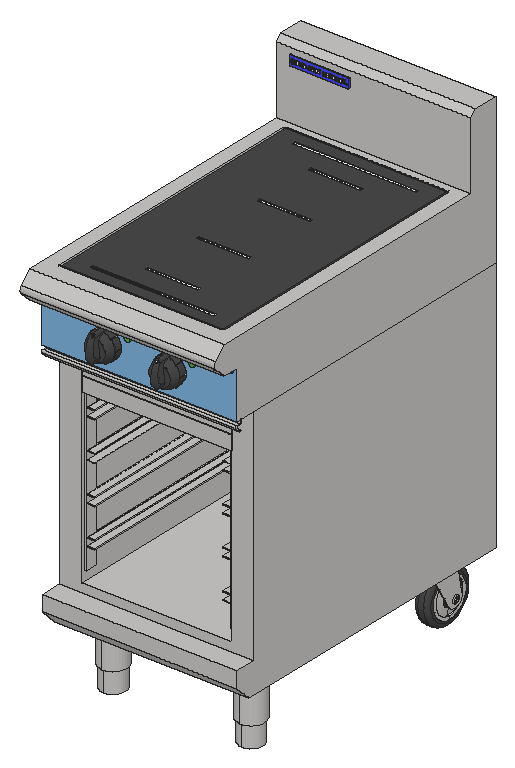
Revit family "QF_Moffat_IN512F-CB_Induction_Cooktop_cat", category Specialty Equipment, Revit 2019 (continued)
Definition of nested family "6 INCHES 02_CASTER"
  Forms (mm)
    Revolve 1, solid, visible <- "Show Casters"
      sketch origin (-56.335, 0, -6.35) x (-1, 0, 0) y (0, 0, 1)
        loop
          line (-56.335, 152.4) -> (-56.335, 141.118) -> (-23.798, 141.118) -> (-23.798, 152.4) -> (-56.335, 152.4)
        axis (-56.335, 141.118) -> (-56.335, 152.4)
      angle from 0 to 360
    Extrusion 2, solid, visible <- "Show Casters"
      sketch origin (6.501, 53.083, -4.762) x (0, 1, 0) y (0, 0, 1)
        loop
          line (-85.799, 139.531) -> (-85.799, 133.181) -> (-42.478, 58.614)
          arc (-42.478, 58.614) -> (-16.638, 50.199) -> (-6.442, 75.39) r 19.923
          line (-6.442, 75.39) -> (-20.366, 139.531) -> (-85.799, 139.531)
      from 20.058 to 22.923
    Extrusion 3, solid, visible <- "Show Casters"
      sketch origin (0, 0, 146.05) x (0, 1, 0) y (-1, 0, 0)
        loop
          circle (0, 0) r 19.05
      from 0 to 3.95
    Extrusion 4, solid, visible <- "Show Casters"
      sketch origin (-6.501, 53.083, -4.762) x (0, 1, 0) y (0, 0, -1)
        loop
          line (-85.799, -133.181) -> (-85.799, -139.531) -> (-20.366, -139.531) -> (-6.442, -75.39)
          arc (-6.442, -75.39) -> (-16.638, -50.199) -> (-42.478, -58.614) r 19.923
          line (-42.478, -58.614) -> (-85.799, -133.181)
      from 20.058 to 22.923
    Extrusion 5, solid, visible <- "Show Casters"
      sketch origin (0, -3.253, 19.05) x (0, 1, 0) y (0, 0, 1)
        loop
          line (-29.464, 115.718) -> (-29.464, 109.368) -> (35.969, 109.368) -> (35.969, 115.718) -> (-29.464, 115.718)
      from -26.559 to 26.559
    Revolve 6, solid, visible <- "Show Casters"
      sketch origin (-49.213, 28.39, -3.252) x (1, 0, 0) y (0, 0, 1)
        loop
          line (14.841, 65.192) -> (14.841, 61.686) -> (16.111, 60.416) -> (17.635, 60.416) -> (17.635, 56.97) -> (29.782, 56.97) -> (29.782, 46.925) -> (33.069, 45.027) -> (36.232, 25.477) -> (32.544, 25.477) -> (32.544, 19.127) -> (33.338, 19.127) -> (33.338, 12.777)
          arc (33.338, 12.777) -> (36.127, 6.041) -> (42.863, 3.252) r 9.525
          line (42.863, 3.252) -> (55.563, 3.252)
          arc (55.563, 3.252) -> (62.298, 6.041) -> (65.088, 12.777) r 9.525
          line (65.088, 12.777) -> (65.088, 19.127) -> (65.881, 19.127) -> (65.881, 25.477) -> (62.193, 25.477) -> (65.371, 45.116) -> (68.644, 47.006) -> (68.644, 56.97) -> (80.79, 56.97) -> (80.79, 60.416) -> (82.314, 60.416) -> (83.584, 61.686) -> (83.584, 65.192) -> (14.841, 65.192)
        axis (14.841, 65.192) -> (83.584, 65.192)
      angle from 0 to 360
  Cuts and joins
    joined: Extrusion 2, Extrusion 4, Extrusion 5
  Lines and regions (mm)
    symbolic lines, visible <- "Show Casters"
      curve 1: line (11.652, 51.878, 0) -> (39.148, 36.003, 0)
      curve 2: line (-39.148, -36.11, 0) -> (-20.098, -3.115, 0)
      curve 3: line (-11.652, -51.985, 0) -> (-39.148, -36.11, 0)
      curve 4: line (39.148, 36.003, 0) -> (20.098, 3.007, 0)
      curve 5: line (-7.398, 18.882, 0) -> (11.652, 51.878, 0)
      curve 6: line (7.398, -18.99, 0) -> (-11.652, -51.985, 0)
  Dimensions and locks
    plane 6 "TOP" to level = 150 mm  (x2)
    aligned and locked: level to plane 2
Definition of nested family "Knob"
  Parameters (values of type "Knob")
    Weight in Pounds = 0
    URL Cutsheet = ""
    Specification by User = ""
    Specification by Manufacturer = ""
    Serial Number = ""
    Seismic Rating = ""
    SMACNA No = ""
    Revision Code = ""
    NAFEM Spec ID Number = ""
    Masterspec = ""
    Length = 65 mm
    Item Number = ""
    Installed By = ""
    Identify Quantity as Lot = yes
    Height = 69.5 mm
    Furnished By = ""
    Foodservice Equipment Identifier = yes
    Depth = 59 mm
    CSI MasterFormat = ""
  Reference planes
    plane 1 "BACK": y = 0
    plane 2: z = 0
    plane 3 "LEFT": x = 0
    plane 4 "RIGHT": x = 65
    plane 5 "FRONT": y = -59
    plane 6 "TOP": z = 69.5
    plane 7 "Center Y": x = 32.5
    plane 8 "Center X": y = -29.5
  Forms (mm)
    Revolve 1, solid
      sketch origin (32.5, 175.397, 1219.2) x (0, 1, 0) y (0, 0, 1)
        loop
          line (-175.397, -1186.7) -> (-219.397, -1186.7) -> (-219.397, -1211.501) -> (-202.106, -1219.2) -> (-185.397, -1219.2) -> (-185.397, -1191.7) -> (-175.397, -1191.7) -> (-175.397, -1186.7)
        axis (-219.397, -1186.7) -> (-175.397, -1186.7)
      angle from 0 to 360
    Extrusion 2, solid
      sketch origin (32.5, 175.397, 1219.2) x (0, 1, 0) y (0, 0, 1)
        loop
          line (-202.106, -1154.2) -> (-185.397, -1154.2) -> (-185.397, -1149.7) -> (-224.105, -1149.7)
          arc (-224.105, -1149.7) -> (-233.965, -1178.467) -> (-230.696, -1208.7) r 70
          line (-230.696, -1208.7) -> (-219.397, -1208.7) -> (-219.397, -1161.899) -> (-202.106, -1154.2)
      from -15 to 15
    Extrusion 3, void
      sketch origin (0, 0, 0) x (1, 0, 0) y (0, 0, 1)
        loop
          line (27.501, 64.613) -> (22.02, 20.585)
          arc (22.02, 20.585) -> (32.792, 10.488) -> (42.986, 21.169) r 10.487
          line (42.986, 21.169) -> (37.499, 64.613)
          arc (37.499, 64.613) -> (32.5, 69.5) -> (27.501, 64.613) r 5
        loop
          line (10, 72.977) -> (10, 5.625) -> (55, 5.625) -> (55, 72.977) -> (10, 72.977)
      from 6.142 to 69.687
    Extrusion 4, solid
      sketch origin (0, -34.115, -16.916) x (1, 0, 0) y (0, 0.45399, 0.891007)
        loop
          circle (32.497, 65) r 2
      from 51.525 to 53.075
    Extrusion 5, solid
      sketch origin (32.5, -10, 32.5) x (0, 0, -1) y (-1, 0, 0)
        loop
          line (-23.54, -22.408) -> (-24.106, -22.974)
          arc (-24.106, -22.974) -> (-23.547, -23.547) -> (-22.974, -24.106) r 33.3
          line (-22.974, -24.106) -> (-22.408, -23.54)
          arc (-22.408, -23.54) -> (-22.981, -22.981) -> (-23.54, -22.408) r 32.5
        loop
          arc (-0.8, -33.29) -> (0, -33.3) -> (0.8, -33.29) r 33.3
          line (0.8, -33.29) -> (0.8, -32.49)
          arc (0.8, -32.49) -> (0, -32.5) -> (-0.8, -32.49) r 32.5
          line (-0.8, -32.49) -> (-0.8, -33.29)
        loop
          arc (23.54, -22.408) -> (22.981, -22.981) -> (22.408, -23.54) r 32.5
          line (22.408, -23.54) -> (22.974, -24.106)
          arc (22.974, -24.106) -> (23.547, -23.547) -> (24.106, -22.974) r 33.3
          line (24.106, -22.974) -> (23.54, -22.408)
        loop
          arc (-23.54, 22.408) -> (-22.981, 22.981) -> (-22.408, 23.54) r 32.5
          line (-22.408, 23.54) -> (-22.974, 24.106)
          arc (-22.974, 24.106) -> (-23.547, 23.547) -> (-24.106, 22.974) r 33.3
          line (-24.106, 22.974) -> (-23.54, 22.408)
        loop
          line (-0.8, 33.29) -> (-0.8, 32.49)
          arc (-0.8, 32.49) -> (0, 32.5) -> (0.8, 32.49) r 32.5
          line (0.8, 32.49) -> (0.8, 33.29)
          arc (0.8, 33.29) -> (0, 33.3) -> (-0.8, 33.29) r 33.3
        loop
          line (32.49, -0.8) -> (33.29, -0.8)
          arc (33.29, -0.8) -> (33.3, 0) -> (33.29, 0.8) r 33.3
          line (33.29, 0.8) -> (32.49, 0.8)
          arc (32.49, 0.8) -> (32.5, 0) -> (32.49, -0.8) r 32.5
        loop
          arc (24.106, 22.974) -> (23.547, 23.547) -> (22.974, 24.106) r 33.3
          line (22.974, 24.106) -> (22.408, 23.54)
          arc (22.408, 23.54) -> (22.981, 22.981) -> (23.54, 22.408) r 32.5
          line (23.54, 22.408) -> (24.106, 22.974)
      from 0 to -16.709
  Cuts and joins
    Extrusion 3 cuts Extrusion 2
  Dimensions and locks
    equal spacing: plane 3 "LEFT", plane 7 "Center Y", plane 4 "RIGHT"
    "Length": plane 3 "LEFT" to plane 4 "RIGHT"
    equal spacing: plane 5 "FRONT", plane 8 "Center X", plane 1 "BACK"
    "Depth": plane 5 "FRONT" to plane 1 "BACK"
    "Height": plane 6 "TOP" to level
    plane 4 "RIGHT" to plane 3 "LEFT" = 65 mm
    aligned and locked: level to plane 2
  Automatic sketch dimensions
    Revolve 1 sketch curve to level = 0 mm
    Revolve 1 sketch curve to plane 1 "BACK" = 0 mm  (x2)
    plane 1 "BACK" to Revolve 1 sketch curve = 10 mm
    plane 8 "Center X" to Revolve 1 sketch curve = 2.791 mm
    Revolve 1 sketch curve to plane 8 "Center X" = 14.5 mm
    level to Revolve 1 sketch curve = 7.699 mm
    level to Revolve 1 sketch curve = 27.5 mm
    Revolve 1 sketch curve to Revolve 1 sketch curve = 5 mm
    Revolve 1 sketch curve to Revolve 1 sketch curve = 35 mm
    Revolve 1 sketch curve to Revolve 1 sketch curve = 0 mm
    Extrusion 2 sketch curve to plane 6 "TOP" = 0 mm
    Extrusion 2 sketch curve to plane 5 "FRONT" = 3.702 mm
    Extrusion 2 sketch curve to plane 5 "FRONT" = 10.293 mm
    Extrusion 2 sketch curve to Extrusion 2 sketch curve = 11.298 mm
    plane 8 "Center X" to Extrusion 2 sketch curve = 2.791 mm
    plane 1 "BACK" to Extrusion 2 sketch curve = 10 mm
    Extrusion 2 sketch curve to plane 1 "BACK" = 11 mm
    Extrusion 2 sketch curve to plane 6 "TOP" = 4.5 mm
    Extrusion 2 sketch curve to plane 6 "TOP" = 12.199 mm
    level to Extrusion 2 sketch curve = 32.962 mm
    level to Extrusion 3 sketch curve = 5.625 mm
    Extrusion 3 sketch curve to plane 7 "Center Y" = 0 mm  (x2)
    Extrusion 3 sketch curve to plane 7 "Center Y" = 4.999 mm
    Extrusion 3 sketch curve to plane 7 "Center Y" = 10.48 mm
    plane 6 "TOP" to Extrusion 3 sketch curve = 3.477 mm
    plane 3 "LEFT" to Extrusion 3 sketch curve = 10 mm
    Extrusion 3 sketch curve to plane 6 "TOP" = 4.887 mm
    Extrusion 3 sketch curve to Extrusion 3 sketch curve = 4.999 mm
    plane 7 "Center Y" to Extrusion 3 sketch curve = 10.486 mm
    level to Extrusion 3 sketch curve = 20.585 mm
    Extrusion 3 sketch curve to Extrusion 3 sketch curve = 0.387 mm
    Extrusion 3 sketch curve to Extrusion 3 sketch curve = 0.113 mm
    plane 4 "RIGHT" to Extrusion 3 sketch curve = 10 mm
    Extrusion 5 sketch curve to Revolve 1 = 32.49 mm
    Revolve 1 to Extrusion 5 sketch curve = 32.49 mm
    Extrusion 5 sketch curve to Revolve 1 = 23.54 mm  (x2)
    Revolve 1 to Extrusion 5 sketch curve = 23.54 mm  (x2)
    Extrusion 5 sketch curve to Revolve 1 = 24.106 mm  (x2)
    Revolve 1 to Extrusion 5 sketch curve = 24.106 mm  (x2)
    Revolve 1 to Extrusion 5 sketch curve = 22.408 mm  (x2)
    Extrusion 5 sketch curve to Revolve 1 = 22.408 mm  (x2)
    Revolve 1 to Extrusion 5 sketch curve = 22.974 mm  (x2)
    Extrusion 5 sketch curve to Revolve 1 = 22.974 mm  (x2)
    Extrusion 5 sketch curve to Extrusion 5 sketch curve = 1.6 mm  (x2)
    Revolve 1 to Extrusion 5 sketch curve = 0.8 mm
    Extrusion 5 sketch curve to Revolve 1 = 0.8 mm
    Extrusion 4 sketch curve to plane 7 "Center Y" = 0.003 mm
    radius of Extrusion 5 sketch curve to Revolve 1 = 0 mm  (x7)
    radius of Revolve 1 to Extrusion 5 sketch curve = 0.8 mm  (x7)
    radius of Extrusion 4 sketch curve = 2 mm
